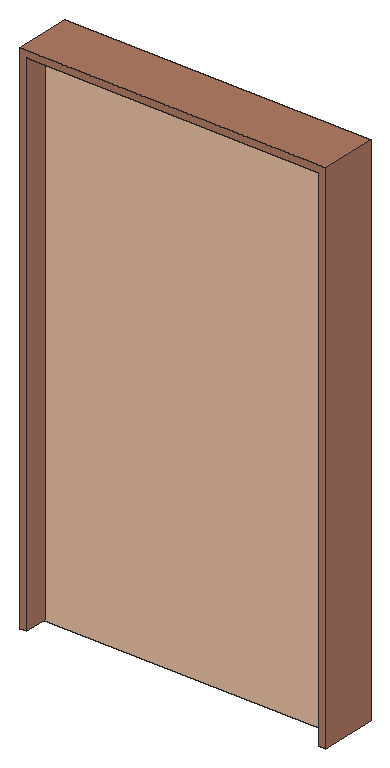
Revit family "RevolvingDoor", category Doors, host Wall, Revit 2021
Family settings
  Host = Wall
  OmniClass Number = 23.30.10.00
  OmniClass Title = Doors
  Always vertical = Yes
  Cut with Voids When Loaded = No
  Shared = No
  Room Calculation Point = No
Parameters (values of type "1372 x 2134mm")
  thick = 25.00 mm
  panel thickness = 50.00 mm
  frame = 30.00 mm
  elevation over level = 20.00 mm
  Width = 1250.00 mm
  Visual Light Transmittance = 0
  Thickness = 51.00 mm
  Thermal Resistance (R) = 0.270117 (m²·K)/W
  Solar Heat Gain Coefficient = 0
  Small width = Width - Large width  # 250.00 mm
  Rough Width = 1310.00 mm
  Rough Height = 2230.00 mm
  Lintel Sitting Distance = 250.00 mm
  Lintel Thickness = 200.00 mm
  Large width = 1000.00 mm
  Door Width [instance] = 1310.00 mm
  Door Height [instance] = 2230.00 mm
  Define Thermal Properties by = Schematic Type
  Construction Type Id = "MDOOR"
  Heat Transfer Coefficient (U) = 3.7021 W/(m²·K)
  Function = Interior
  Door Material = Door - Panel
  Frame Material = Door - Frame
  Height = 2100.00 mm
  Trim Projection Ext = 25.00 mm
  Trim Projection Int = 25.00 mm
  Trim Width = 76.00 mm
  Wall Closure = By host
  Analytic Construction = "Metal"
Types (8, lengths in mm): name | elevation over level | Width | Small width | Rough Width | Lintel Sitting Distance | Lintel Thickness | Large width | Height
  1372 x 2032mm | 20.00 | 1600.00 | 400.00 | 1660.00 | 250.00 | 200.00 | 1200.00 | 2100.00
  1372 x 2134mm | 20.00 | 1250.00 | 250.00 | 1310.00 | 250.00 | 200.00 | 1000.00 | 2100.00
  1220 x 2032mm | 101.563 | 1220.00 | 204.00 | 1310.00 | 306.00 | 220.00 | 1016.00 | 2032.00
  1118 x 2032mm | 101.563 | 1118.00 | 102.00 | 1310.00 | 306.00 | 220.00 | 1016.00 | 2032.00
  1270 x 2134mm | 101.563 | 1270.00 | 254.00 | 1310.00 | 306.00 | 220.00 | 1016.00 | 2134.00
  D2 - 2400 X 1600 mm | 20.00 | 1600.00 | 570.00 | 1310.00 | 306.00 | 220.00 | 1030.00 | 2400.00
  1372 x 2032mm 2 | 20.00 | 1660.00 | 660.00 | 1310.00 | 250.00 | 200.00 | 1000.00 | 2800.00
  D1 - 2100 X 1400 mm | 20.00 | 1400.00 | 370.00 | 1310.00 | 306.00 | 220.00 | 1030.00 | 2100.00
Reference planes
  plane 1: y = 0
  plane 2: z = 0
  plane 3 "Center": x = -254
  plane 4 "Left": x = -1284
  plane 5 "Right": x = 26
  plane 6 "Top": z = 2230
  plane 7: y = 25
  plane 8: y = -25
  plane 9: x = -229
  plane 10: x = -279
  plane 11: x = -4
  plane 12: x = -1254
  plane 13: z = 2200
  plane 14: y = 120
  plane 15: y = -120
Forms (mm)
  Sweep 1, solid, material "Door - Frame"
    path origin (-1524, 120, 0) x (-1, 0, 0) y (0, 0, 1)
      loop
        line (-1550, 0) -> (-1550, 2230) -> (-240, 2230) -> (-240, 0)
    profile origin (-1284, 120, 1115) x (0, 1, 0) y (-1, 0, 0)
      loop
        line (0, 0) -> (-240, 0) -> (-240, -30) -> (0, -30) -> (0, 0)
  Extrusion 2, solid, material "Door - Panel"
    sketch origin (0, 0, -74) x (1, 0, 0) y (0, 1, 0)
      loop
        line (-1254, 25) -> (-1254, -25) -> (-4, -25) -> (-4, 25) -> (-1254, 25)
    from 74 to 2274
Lines and regions (mm)
  Opening 1
    outline origin (-2286, -120, 0) x (1, 0, 0) y (0, 0, 1)
      loop
        line (1002, 0) -> (2312, 0) -> (2312, 2230) -> (1002, 2230) -> (1002, 0)
  symbolic lines, style "DoorsPanelProjection"
    curve 1: line (-279, 250, 0) -> (-279, -1000, 0)
    curve 2: line (-229, -1000, 0) -> (-229, 250, 0)
    curve 3: line (-279, -1000, 0) -> (-229, -1000, 0)
    curve 4: line (-279, 250, 0) -> (-229, 250, 0)
  model lines, style "hid"
    curve 5: arc (-1254, -25, 0) -> (-968.429, -714.429, 0) -> (-279, -1000, 0) r 975
    curve 6: arc (-229, 250, 0) -> (-69.901, 184.099, 0) -> (-4, 25, 0) r 225
Text (mm)
  text "Exterior" at (-1852.85, 748.929, 0), in view "Floor Line"
  text "Interior" at (-1852.85, -701.767, 0), in view "Floor Line"
  text "Exterior" at (0, 1019.848, 3124.603), in view "Right"
  text "Interior" at (0, -1635.541, 3124.603), in view "Right"
  text "Interior" at (0, -762.224, 2974.944), in view "Left"
  text "Exterior" at (0, 1135.773, 2974.944), in view "Left"
Dimensions and locks
  plane 4 "Left" to plane 3 "Center" to plane 5 "Right" = 1030.00 mm, 280.00 mm
  level to plane 2 = 0.00 mm
  "Door Height": level to plane 6 "Top"
  Sweep 1 to Extrusion 2 = 0.00 mm
  plane 6 "Top" to level = 2230.00 mm
  "thick": host wall to plane 7
  "thick": plane 8 to host wall
  "Small width": host wall to curve 4
  "Large width": curve 3 to host wall
  "frame": plane 11 to plane 5 "Right"
  "frame": plane 4 "Left" to plane 12
  "thick": plane 3 "Center" to plane 9
  "thick": plane 10 to plane 3 "Center"
  "Small width": plane 3 "Center" to plane 11
  "Large width": plane 12 to plane 3 "Center"
  "Door Width": plane 4 "Left" to plane 5 "Right"
  "frame": plane 13 to plane 6 "Top"
  plane 12 to plane 11 = 1250.00 mm
  level to plane 13 = 2200.00 mm
  aligned and locked: plane 4 "Left" to Opening 1 sketch curve
  aligned and locked: plane 6 "Top" to Opening 1 sketch curve  (x2)
  aligned and locked: Opening 1 sketch curve to plane 5 "Right"
  aligned and locked: Opening 1 sketch curve to level
  aligned and locked: level to plane 2
  aligned and locked: plane 4 "Left" to Sweep 1
  aligned and locked: Sweep 1 to plane 5 "Right"
  aligned and locked: curve 2 to plane 9
  aligned and locked: curve 1 to plane 10
  aligned and locked: plane 12 to Sweep 1 sketch curve
  aligned and locked: plane 13 to Extrusion 2
  aligned and locked: Extrusion 2 to plane 2
  aligned and locked: curve 5 to Extrusion 2
  aligned and locked: curve 1 to curve 5
  aligned and locked: curve 2 to curve 6
  aligned and locked: curve 6 to Extrusion 2
  aligned and locked: plane 15 to host wall
  aligned and locked: plane 14 to host wall
  aligned and locked: Sweep 1 sketch curve to plane 15
  aligned and locked: Sweep 1 sketch curve to plane 14
Automatic sketch dimensions
  Sweep 1 sketch curve to level = 0.00 mm  (x2)
  plane 5 "Right" to Sweep 1 sketch curve = 0.00 mm
  plane 4 "Left" to Sweep 1 sketch curve = 0.00 mm
  Sweep 1 sketch curve to plane 6 "Top" = 0.00 mm
  Sweep 1 sketch curve to profile plane = 0.00 mm
  Extrusion 2 sketch curve to host wall = 25.00 mm
  Extrusion 2 sketch curve to plane 4 "Left" = 30.00 mm
  plane 5 "Right" to Extrusion 2 sketch curve = 30.00 mm
  host wall to Extrusion 2 sketch curve = 25.00 mm
  curve 5 to plane 12 = 0.00 mm
  curve 6 to plane 11 = 0.00 mm
